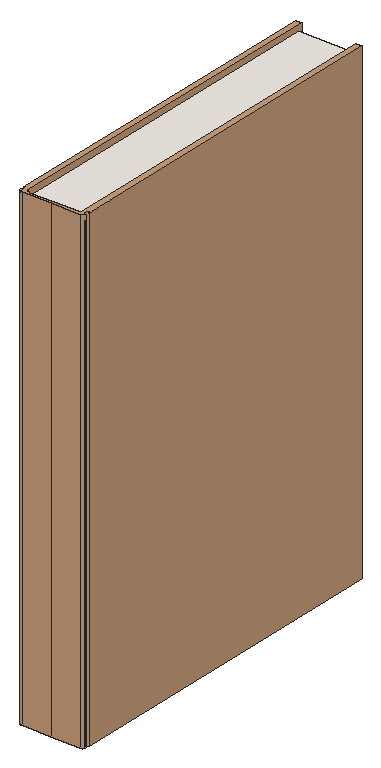
Revit family
Reference planes (in)
  plane 1 "Center (Front/Back)": y = 0
  plane 2: z = 0
  plane 3 "Center (Left/Right)": x = 0
  plane 4: z = 0.125
  plane 5: z = 10.875
Forms (in)
  Extrusion 1, solid, material "Book Brown"
    sketch origin (0, 0, 0) x (1, 0, 0) y (0, 1, 0)
      loop
        line (-0.75, 8) -> (-0.75, 0.16705)
        arc (-0.75, 0.16705) -> (-0.70136, 0.11841) -> (-0.75, 0.06977) r 0.04864
        arc (-0.75, 0.06977) -> (-0.71934, 0.01698) -> (-0.66069, 0) r 0.082
        line (-0.66069, 0) -> (0, 0) -> (0.66069, 0)
        arc (0.66069, 0) -> (0.71934, 0.01698) -> (0.75, 0.06977) r 0.082
        arc (0.75, 0.06977) -> (0.70136, 0.11841) -> (0.75, 0.16705) r 0.04864
        line (0.75, 0.16705) -> (0.75, 8) -> (0.6254, 8) -> (0.6254, 0.12848)
        arc (0.6254, 0.12848) -> (0.6041, 0.08281) -> (0.55544, 0.06977) r 0.05961
        line (0.55544, 0.06977) -> (0, 0.06977) -> (-0.55544, 0.06977)
        arc (-0.55544, 0.06977) -> (-0.6041, 0.08281) -> (-0.6254, 0.12848) r 0.05961
        line (-0.6254, 0.12848) -> (-0.6254, 8) -> (-0.75, 8)
    from 0 to 11
  Extrusion 2, solid, material "ivory paper"
    sketch origin (-4.75, -180, 0.125) x (-1, 0, 0) y (0, -1, 0)
      loop
        line (-4.1246, -187.88971) -> (-4.1246, -180.13971) -> (-5.3754, -180.13971) -> (-5.3754, -187.88971) -> (-4.1246, -187.88971)
    from 0 to 10.75
Lines and regions (in)
  model lines
    curve 1: line (-0.5004, 7.88971, 10.875) -> (-0.5004, 0.13971, 10.875)
    curve 2: line (-0.3754, 7.88971, 10.875) -> (-0.3754, 0.13971, 10.875)
    curve 3: line (-0.2504, 7.88971, 10.875) -> (-0.2504, 0.13971, 10.875)
    curve 4: line (-0.1254, 7.88971, 10.875) -> (-0.1254, 0.13971, 10.875)
    curve 5: line (-0.0004, 7.88971, 10.875) -> (-0.0004, 0.13971, 10.875)
    curve 6: line (0.1246, 7.88971, 10.875) -> (0.1246, 0.13971, 10.875)
    curve 7: line (0.2496, 7.88971, 10.875) -> (0.2496, 0.13971, 10.875)
    curve 8: line (0.3746, 7.88971, 10.875) -> (0.3746, 0.13971, 10.875)
    curve 9: line (0.4996, 7.88971, 10.875) -> (0.4996, 0.13971, 10.875)
